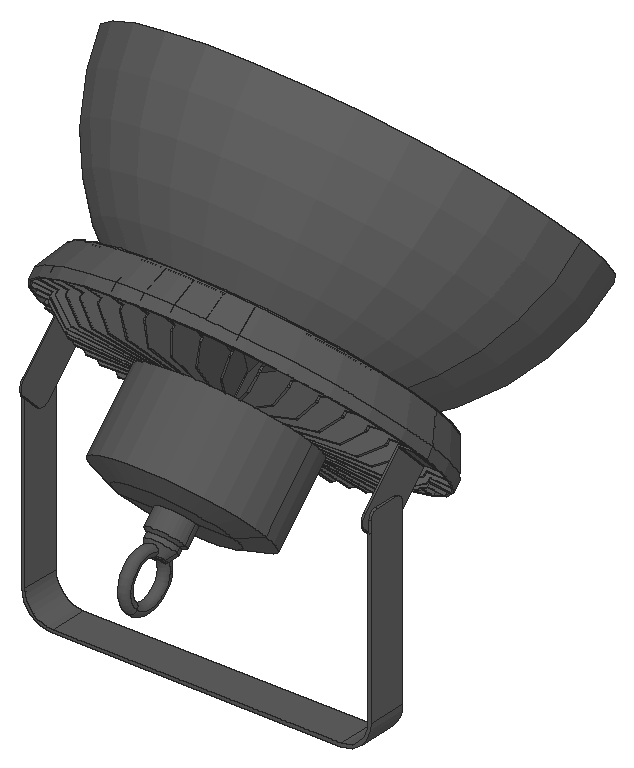
Revit family "0039364+0039355+0039360 Sylvania Lighting Fixture START HighBay IP65 DALI 26000lm 840 MB with BRACKET and ALU SHADE BLACK COLOR FOR 26KLM", category Lighting Fixtures, host Face, Revit 2016 (continued)
Definition of nested family "Start LED Highbay DALI Head"
  Nested families
    nested 6: "Start Highbay Rib" at (0, 0, 80.875) x (0.7071, 0.7071, 0) z (0, 0, 1), type "Type Name", detail levels medium+fine
      with SuspensionHeight_FEILO 2.6 mm, WidthStraight_FEILO 4.7 mm, WidthRingChamfer_FEILO 12.9 mm, WidthCurved_FEILO 26.2 mm, WidthCurvedRing_FEILO 4.7 mm, SizeS_FEILO no, Rib4_FEILO 14.6 mm, Rib3_FEILO 20.2 mm, Rib2_FEILO 4.5 mm, Rib1_FEILO 19 mm, RadiusDiffuser_FEILO 120 mm, RHRadius3_FEILO 8.6 mm, RHRadius2_FEILO 14 mm, RHRadius1_FEILO 17.7 mm, RHHeight4_FEILO 9.2 mm, RHHeight3_FEILO 4.6 mm, RHHeight2_FEILO 2.6 mm, RHHeight1_FEILO 17.4 mm, HeightRing_FEILO 36.8 mm, HeightRingChamfer_FEILO 26.6 mm, EyeThickness_FEILO 10.5 mm, EyeThicknessHalf_FEILO 5.25 mm, EyeInner_FEILO 17.3 mm, DriverVerticalStraight_FEILO 57 mm, DriverVerticalChamfer_FEILO 9.5 mm, DriverRadius_FEILO 76.4 mm, DriverRadiusTop_FEILO 52.4 mm, DriverBottom_FEILO 74 mm, Radius_FEILO 169.5 mm
    nested 7: "Start Highbay Rib" at (0, 0, 80.875) x (0.5878, 0.809, 0) z (0, 0, 1), type "Type Name", detail levels medium+fine
      with SuspensionHeight_FEILO 2.6 mm, WidthStraight_FEILO 4.7 mm, WidthRingChamfer_FEILO 12.9 mm, WidthCurved_FEILO 26.2 mm, WidthCurvedRing_FEILO 4.7 mm, SizeS_FEILO no, Rib4_FEILO 14.6 mm, Rib3_FEILO 20.2 mm, Rib2_FEILO 4.5 mm, Rib1_FEILO 19 mm, RadiusDiffuser_FEILO 120 mm, RHRadius3_FEILO 8.6 mm, RHRadius2_FEILO 14 mm, RHRadius1_FEILO 17.7 mm, RHHeight4_FEILO 9.2 mm, RHHeight3_FEILO 4.6 mm, RHHeight2_FEILO 2.6 mm, RHHeight1_FEILO 17.4 mm, HeightRing_FEILO 36.8 mm, HeightRingChamfer_FEILO 26.6 mm, EyeThickness_FEILO 10.5 mm, EyeThicknessHalf_FEILO 5.25 mm, EyeInner_FEILO 17.3 mm, DriverVerticalStraight_FEILO 57 mm, DriverVerticalChamfer_FEILO 9.5 mm, DriverRadius_FEILO 76.4 mm, DriverRadiusTop_FEILO 52.4 mm, DriverBottom_FEILO 74 mm, Radius_FEILO 169.5 mm
    nested 8: "Start Highbay Rib" at (0, 0, 80.875) x (0.454, 0.891, 0) z (0, 0, 1), type "Type Name", detail levels medium+fine
      with SuspensionHeight_FEILO 2.6 mm, WidthStraight_FEILO 4.7 mm, WidthRingChamfer_FEILO 12.9 mm, WidthCurved_FEILO 26.2 mm, WidthCurvedRing_FEILO 4.7 mm, SizeS_FEILO no, Rib4_FEILO 14.6 mm, Rib3_FEILO 20.2 mm, Rib2_FEILO 4.5 mm, Rib1_FEILO 19 mm, RadiusDiffuser_FEILO 120 mm, RHRadius3_FEILO 8.6 mm, RHRadius2_FEILO 14 mm, RHRadius1_FEILO 17.7 mm, RHHeight4_FEILO 9.2 mm, RHHeight3_FEILO 4.6 mm, RHHeight2_FEILO 2.6 mm, RHHeight1_FEILO 17.4 mm, HeightRing_FEILO 36.8 mm, HeightRingChamfer_FEILO 26.6 mm, EyeThickness_FEILO 10.5 mm, EyeThicknessHalf_FEILO 5.25 mm, EyeInner_FEILO 17.3 mm, DriverVerticalStraight_FEILO 57 mm, DriverVerticalChamfer_FEILO 9.5 mm, DriverRadius_FEILO 76.4 mm, DriverRadiusTop_FEILO 52.4 mm, DriverBottom_FEILO 74 mm, Radius_FEILO 169.5 mm
    nested 9: "Start Highbay Rib" at (0, 0, 80.875) x (0.309, 0.9511, 0) z (0, 0, 1), type "Type Name", detail levels medium+fine
      with SuspensionHeight_FEILO 2.6 mm, WidthStraight_FEILO 4.7 mm, WidthRingChamfer_FEILO 12.9 mm, WidthCurved_FEILO 26.2 mm, WidthCurvedRing_FEILO 4.7 mm, SizeS_FEILO no, Rib4_FEILO 14.6 mm, Rib3_FEILO 20.2 mm, Rib2_FEILO 4.5 mm, Rib1_FEILO 19 mm, RadiusDiffuser_FEILO 120 mm, RHRadius3_FEILO 8.6 mm, RHRadius2_FEILO 14 mm, RHRadius1_FEILO 17.7 mm, RHHeight4_FEILO 9.2 mm, RHHeight3_FEILO 4.6 mm, RHHeight2_FEILO 2.6 mm, RHHeight1_FEILO 17.4 mm, HeightRing_FEILO 36.8 mm, HeightRingChamfer_FEILO 26.6 mm, EyeThickness_FEILO 10.5 mm, EyeThicknessHalf_FEILO 5.25 mm, EyeInner_FEILO 17.3 mm, DriverVerticalStraight_FEILO 57 mm, DriverVerticalChamfer_FEILO 9.5 mm, DriverRadius_FEILO 76.4 mm, DriverRadiusTop_FEILO 52.4 mm, DriverBottom_FEILO 74 mm, Radius_FEILO 169.5 mm
    nested 10: "Start Highbay Rib" at (0, 0, 80.875) x (0.1564, 0.9877, 0) z (0, 0, 1), type "Type Name", detail levels medium+fine
      with SuspensionHeight_FEILO 2.6 mm, WidthStraight_FEILO 4.7 mm, WidthRingChamfer_FEILO 12.9 mm, WidthCurved_FEILO 26.2 mm, WidthCurvedRing_FEILO 4.7 mm, SizeS_FEILO no, Rib4_FEILO 14.6 mm, Rib3_FEILO 20.2 mm, Rib2_FEILO 4.5 mm, Rib1_FEILO 19 mm, RadiusDiffuser_FEILO 120 mm, RHRadius3_FEILO 8.6 mm, RHRadius2_FEILO 14 mm, RHRadius1_FEILO 17.7 mm, RHHeight4_FEILO 9.2 mm, RHHeight3_FEILO 4.6 mm, RHHeight2_FEILO 2.6 mm, RHHeight1_FEILO 17.4 mm, HeightRing_FEILO 36.8 mm, HeightRingChamfer_FEILO 26.6 mm, EyeThickness_FEILO 10.5 mm, EyeThicknessHalf_FEILO 5.25 mm, EyeInner_FEILO 17.3 mm, DriverVerticalStraight_FEILO 57 mm, DriverVerticalChamfer_FEILO 9.5 mm, DriverRadius_FEILO 76.4 mm, DriverRadiusTop_FEILO 52.4 mm, DriverBottom_FEILO 74 mm, Radius_FEILO 169.5 mm
    nested 11: "Start Highbay Rib" at (0, 0, 80.875) x (0, 1, 0) z (0, 0, 1), type "Type Name", detail levels medium+fine
      with SuspensionHeight_FEILO 2.6 mm, WidthStraight_FEILO 4.7 mm, WidthRingChamfer_FEILO 12.9 mm, WidthCurved_FEILO 26.2 mm, WidthCurvedRing_FEILO 4.7 mm, SizeS_FEILO no, Rib4_FEILO 14.6 mm, Rib3_FEILO 20.2 mm, Rib2_FEILO 4.5 mm, Rib1_FEILO 19 mm, RadiusDiffuser_FEILO 120 mm, RHRadius3_FEILO 8.6 mm, RHRadius2_FEILO 14 mm, RHRadius1_FEILO 17.7 mm, RHHeight4_FEILO 9.2 mm, RHHeight3_FEILO 4.6 mm, RHHeight2_FEILO 2.6 mm, RHHeight1_FEILO 17.4 mm, HeightRing_FEILO 36.8 mm, HeightRingChamfer_FEILO 26.6 mm, EyeThickness_FEILO 10.5 mm, EyeThicknessHalf_FEILO 5.25 mm, EyeInner_FEILO 17.3 mm, DriverVerticalStraight_FEILO 57 mm, DriverVerticalChamfer_FEILO 9.5 mm, DriverRadius_FEILO 76.4 mm, DriverRadiusTop_FEILO 52.4 mm, DriverBottom_FEILO 74 mm, Radius_FEILO 169.5 mm
    nested 12: "Start Highbay Rib" at (0, 0, 80.875) x (-0.1564, 0.9877, 0) z (0, 0, 1), type "Type Name", detail levels medium+fine
      with SuspensionHeight_FEILO 2.6 mm, WidthStraight_FEILO 4.7 mm, WidthRingChamfer_FEILO 12.9 mm, WidthCurved_FEILO 26.2 mm, WidthCurvedRing_FEILO 4.7 mm, SizeS_FEILO no, Rib4_FEILO 14.6 mm, Rib3_FEILO 20.2 mm, Rib2_FEILO 4.5 mm, Rib1_FEILO 19 mm, RadiusDiffuser_FEILO 120 mm, RHRadius3_FEILO 8.6 mm, RHRadius2_FEILO 14 mm, RHRadius1_FEILO 17.7 mm, RHHeight4_FEILO 9.2 mm, RHHeight3_FEILO 4.6 mm, RHHeight2_FEILO 2.6 mm, RHHeight1_FEILO 17.4 mm, HeightRing_FEILO 36.8 mm, HeightRingChamfer_FEILO 26.6 mm, EyeThickness_FEILO 10.5 mm, EyeThicknessHalf_FEILO 5.25 mm, EyeInner_FEILO 17.3 mm, DriverVerticalStraight_FEILO 57 mm, DriverVerticalChamfer_FEILO 9.5 mm, DriverRadius_FEILO 76.4 mm, DriverRadiusTop_FEILO 52.4 mm, DriverBottom_FEILO 74 mm, Radius_FEILO 169.5 mm
    nested 13: "Start Highbay Rib" at (0, 0, 80.875) x (-0.309, 0.9511, 0) z (0, 0, 1), type "Type Name", detail levels medium+fine
      with SuspensionHeight_FEILO 2.6 mm, WidthStraight_FEILO 4.7 mm, WidthRingChamfer_FEILO 12.9 mm, WidthCurved_FEILO 26.2 mm, WidthCurvedRing_FEILO 4.7 mm, SizeS_FEILO no, Rib4_FEILO 14.6 mm, Rib3_FEILO 20.2 mm, Rib2_FEILO 4.5 mm, Rib1_FEILO 19 mm, RadiusDiffuser_FEILO 120 mm, RHRadius3_FEILO 8.6 mm, RHRadius2_FEILO 14 mm, RHRadius1_FEILO 17.7 mm, RHHeight4_FEILO 9.2 mm, RHHeight3_FEILO 4.6 mm, RHHeight2_FEILO 2.6 mm, RHHeight1_FEILO 17.4 mm, HeightRing_FEILO 36.8 mm, HeightRingChamfer_FEILO 26.6 mm, EyeThickness_FEILO 10.5 mm, EyeThicknessHalf_FEILO 5.25 mm, EyeInner_FEILO 17.3 mm, DriverVerticalStraight_FEILO 57 mm, DriverVerticalChamfer_FEILO 9.5 mm, DriverRadius_FEILO 76.4 mm, DriverRadiusTop_FEILO 52.4 mm, DriverBottom_FEILO 74 mm, Radius_FEILO 169.5 mm
    nested 14: "Start Highbay Rib" at (0, 0, 80.875) x (-0.454, 0.891, 0) z (0, 0, 1), type "Type Name", detail levels medium+fine
      with SuspensionHeight_FEILO 2.6 mm, WidthStraight_FEILO 4.7 mm, WidthRingChamfer_FEILO 12.9 mm, WidthCurved_FEILO 26.2 mm, WidthCurvedRing_FEILO 4.7 mm, SizeS_FEILO no, Rib4_FEILO 14.6 mm, Rib3_FEILO 20.2 mm, Rib2_FEILO 4.5 mm, Rib1_FEILO 19 mm, RadiusDiffuser_FEILO 120 mm, RHRadius3_FEILO 8.6 mm, RHRadius2_FEILO 14 mm, RHRadius1_FEILO 17.7 mm, RHHeight4_FEILO 9.2 mm, RHHeight3_FEILO 4.6 mm, RHHeight2_FEILO 2.6 mm, RHHeight1_FEILO 17.4 mm, HeightRing_FEILO 36.8 mm, HeightRingChamfer_FEILO 26.6 mm, EyeThickness_FEILO 10.5 mm, EyeThicknessHalf_FEILO 5.25 mm, EyeInner_FEILO 17.3 mm, DriverVerticalStraight_FEILO 57 mm, DriverVerticalChamfer_FEILO 9.5 mm, DriverRadius_FEILO 76.4 mm, DriverRadiusTop_FEILO 52.4 mm, DriverBottom_FEILO 74 mm, Radius_FEILO 169.5 mm
    nested 15: "Start Highbay Rib" at (0, 0, 80.875) x (-0.5878, 0.809, 0) z (0, 0, 1), type "Type Name", detail levels medium+fine
      with SuspensionHeight_FEILO 2.6 mm, WidthStraight_FEILO 4.7 mm, WidthRingChamfer_FEILO 12.9 mm, WidthCurved_FEILO 26.2 mm, WidthCurvedRing_FEILO 4.7 mm, SizeS_FEILO no, Rib4_FEILO 14.6 mm, Rib3_FEILO 20.2 mm, Rib2_FEILO 4.5 mm, Rib1_FEILO 19 mm, RadiusDiffuser_FEILO 120 mm, RHRadius3_FEILO 8.6 mm, RHRadius2_FEILO 14 mm, RHRadius1_FEILO 17.7 mm, RHHeight4_FEILO 9.2 mm, RHHeight3_FEILO 4.6 mm, RHHeight2_FEILO 2.6 mm, RHHeight1_FEILO 17.4 mm, HeightRing_FEILO 36.8 mm, HeightRingChamfer_FEILO 26.6 mm, EyeThickness_FEILO 10.5 mm, EyeThicknessHalf_FEILO 5.25 mm, EyeInner_FEILO 17.3 mm, DriverVerticalStraight_FEILO 57 mm, DriverVerticalChamfer_FEILO 9.5 mm, DriverRadius_FEILO 76.4 mm, DriverRadiusTop_FEILO 52.4 mm, DriverBottom_FEILO 74 mm, Radius_FEILO 169.5 mm
    nested 16: "Start Highbay Rib" at (0, 0, 80.875) x (-0.7071, 0.7071, 0) z (0, 0, 1), type "Type Name", detail levels medium+fine
      with SuspensionHeight_FEILO 2.6 mm, WidthStraight_FEILO 4.7 mm, WidthRingChamfer_FEILO 12.9 mm, WidthCurved_FEILO 26.2 mm, WidthCurvedRing_FEILO 4.7 mm, SizeS_FEILO no, Rib4_FEILO 14.6 mm, Rib3_FEILO 20.2 mm, Rib2_FEILO 4.5 mm, Rib1_FEILO 19 mm, RadiusDiffuser_FEILO 120 mm, RHRadius3_FEILO 8.6 mm, RHRadius2_FEILO 14 mm, RHRadius1_FEILO 17.7 mm, RHHeight4_FEILO 9.2 mm, RHHeight3_FEILO 4.6 mm, RHHeight2_FEILO 2.6 mm, RHHeight1_FEILO 17.4 mm, HeightRing_FEILO 36.8 mm, HeightRingChamfer_FEILO 26.6 mm, EyeThickness_FEILO 10.5 mm, EyeThicknessHalf_FEILO 5.25 mm, EyeInner_FEILO 17.3 mm, DriverVerticalStraight_FEILO 57 mm, DriverVerticalChamfer_FEILO 9.5 mm, DriverRadius_FEILO 76.4 mm, DriverRadiusTop_FEILO 52.4 mm, DriverBottom_FEILO 74 mm, Radius_FEILO 169.5 mm
    nested 17: "Start Highbay Rib" at (0, 0, 80.875) x (-0.809, 0.5878, 0) z (0, 0, 1), type "Type Name", detail levels medium+fine
      with SuspensionHeight_FEILO 2.6 mm, WidthStraight_FEILO 4.7 mm, WidthRingChamfer_FEILO 12.9 mm, WidthCurved_FEILO 26.2 mm, WidthCurvedRing_FEILO 4.7 mm, SizeS_FEILO no, Rib4_FEILO 14.6 mm, Rib3_FEILO 20.2 mm, Rib2_FEILO 4.5 mm, Rib1_FEILO 19 mm, RadiusDiffuser_FEILO 120 mm, RHRadius3_FEILO 8.6 mm, RHRadius2_FEILO 14 mm, RHRadius1_FEILO 17.7 mm, RHHeight4_FEILO 9.2 mm, RHHeight3_FEILO 4.6 mm, RHHeight2_FEILO 2.6 mm, RHHeight1_FEILO 17.4 mm, HeightRing_FEILO 36.8 mm, HeightRingChamfer_FEILO 26.6 mm, EyeThickness_FEILO 10.5 mm, EyeThicknessHalf_FEILO 5.25 mm, EyeInner_FEILO 17.3 mm, DriverVerticalStraight_FEILO 57 mm, DriverVerticalChamfer_FEILO 9.5 mm, DriverRadius_FEILO 76.4 mm, DriverRadiusTop_FEILO 52.4 mm, DriverBottom_FEILO 74 mm, Radius_FEILO 169.5 mm
    nested 18: "Start Highbay Rib" at (0, 0, 80.875) x (-0.891, 0.454, 0) z (0, 0, 1), type "Type Name", detail levels medium+fine
      with SuspensionHeight_FEILO 2.6 mm, WidthStraight_FEILO 4.7 mm, WidthRingChamfer_FEILO 12.9 mm, WidthCurved_FEILO 26.2 mm, WidthCurvedRing_FEILO 4.7 mm, SizeS_FEILO no, Rib4_FEILO 14.6 mm, Rib3_FEILO 20.2 mm, Rib2_FEILO 4.5 mm, Rib1_FEILO 19 mm, RadiusDiffuser_FEILO 120 mm, RHRadius3_FEILO 8.6 mm, RHRadius2_FEILO 14 mm, RHRadius1_FEILO 17.7 mm, RHHeight4_FEILO 9.2 mm, RHHeight3_FEILO 4.6 mm, RHHeight2_FEILO 2.6 mm, RHHeight1_FEILO 17.4 mm, HeightRing_FEILO 36.8 mm, HeightRingChamfer_FEILO 26.6 mm, EyeThickness_FEILO 10.5 mm, EyeThicknessHalf_FEILO 5.25 mm, EyeInner_FEILO 17.3 mm, DriverVerticalStraight_FEILO 57 mm, DriverVerticalChamfer_FEILO 9.5 mm, DriverRadius_FEILO 76.4 mm, DriverRadiusTop_FEILO 52.4 mm, DriverBottom_FEILO 74 mm, Radius_FEILO 169.5 mm
    nested 19: "Start Highbay Rib" at (0, 0, 80.875) x (-0.9511, 0.309, 0) z (0, 0, 1), type "Type Name", detail levels medium+fine
      with SuspensionHeight_FEILO 2.6 mm, WidthStraight_FEILO 4.7 mm, WidthRingChamfer_FEILO 12.9 mm, WidthCurved_FEILO 26.2 mm, WidthCurvedRing_FEILO 4.7 mm, SizeS_FEILO no, Rib4_FEILO 14.6 mm, Rib3_FEILO 20.2 mm, Rib2_FEILO 4.5 mm, Rib1_FEILO 19 mm, RadiusDiffuser_FEILO 120 mm, RHRadius3_FEILO 8.6 mm, RHRadius2_FEILO 14 mm, RHRadius1_FEILO 17.7 mm, RHHeight4_FEILO 9.2 mm, RHHeight3_FEILO 4.6 mm, RHHeight2_FEILO 2.6 mm, RHHeight1_FEILO 17.4 mm, HeightRing_FEILO 36.8 mm, HeightRingChamfer_FEILO 26.6 mm, EyeThickness_FEILO 10.5 mm, EyeThicknessHalf_FEILO 5.25 mm, EyeInner_FEILO 17.3 mm, DriverVerticalStraight_FEILO 57 mm, DriverVerticalChamfer_FEILO 9.5 mm, DriverRadius_FEILO 76.4 mm, DriverRadiusTop_FEILO 52.4 mm, DriverBottom_FEILO 74 mm, Radius_FEILO 169.5 mm
    nested 20: "Start Highbay Rib" at (0, 0, 80.875) x (-0.9877, 0.1564, 0) z (0, 0, 1), type "Type Name", detail levels medium+fine
      with SuspensionHeight_FEILO 2.6 mm, WidthStraight_FEILO 4.7 mm, WidthRingChamfer_FEILO 12.9 mm, WidthCurved_FEILO 26.2 mm, WidthCurvedRing_FEILO 4.7 mm, SizeS_FEILO no, Rib4_FEILO 14.6 mm, Rib3_FEILO 20.2 mm, Rib2_FEILO 4.5 mm, Rib1_FEILO 19 mm, RadiusDiffuser_FEILO 120 mm, RHRadius3_FEILO 8.6 mm, RHRadius2_FEILO 14 mm, RHRadius1_FEILO 17.7 mm, RHHeight4_FEILO 9.2 mm, RHHeight3_FEILO 4.6 mm, RHHeight2_FEILO 2.6 mm, RHHeight1_FEILO 17.4 mm, HeightRing_FEILO 36.8 mm, HeightRingChamfer_FEILO 26.6 mm, EyeThickness_FEILO 10.5 mm, EyeThicknessHalf_FEILO 5.25 mm, EyeInner_FEILO 17.3 mm, DriverVerticalStraight_FEILO 57 mm, DriverVerticalChamfer_FEILO 9.5 mm, DriverRadius_FEILO 76.4 mm, DriverRadiusTop_FEILO 52.4 mm, DriverBottom_FEILO 74 mm, Radius_FEILO 169.5 mm
    nested 21: "Start Highbay Rib" at (0, 0, 80.875) x (-1, 0, 0) z (0, 0, 1), type "Type Name", detail levels medium+fine
      with SuspensionHeight_FEILO 2.6 mm, WidthStraight_FEILO 4.7 mm, WidthRingChamfer_FEILO 12.9 mm, WidthCurved_FEILO 26.2 mm, WidthCurvedRing_FEILO 4.7 mm, SizeS_FEILO no, Rib4_FEILO 14.6 mm, Rib3_FEILO 20.2 mm, Rib2_FEILO 4.5 mm, Rib1_FEILO 19 mm, RadiusDiffuser_FEILO 120 mm, RHRadius3_FEILO 8.6 mm, RHRadius2_FEILO 14 mm, RHRadius1_FEILO 17.7 mm, RHHeight4_FEILO 9.2 mm, RHHeight3_FEILO 4.6 mm, RHHeight2_FEILO 2.6 mm, RHHeight1_FEILO 17.4 mm, HeightRing_FEILO 36.8 mm, HeightRingChamfer_FEILO 26.6 mm, EyeThickness_FEILO 10.5 mm, EyeThicknessHalf_FEILO 5.25 mm, EyeInner_FEILO 17.3 mm, DriverVerticalStraight_FEILO 57 mm, DriverVerticalChamfer_FEILO 9.5 mm, DriverRadius_FEILO 76.4 mm, DriverRadiusTop_FEILO 52.4 mm, DriverBottom_FEILO 74 mm, Radius_FEILO 169.5 mm
    nested 22: "Start Highbay Rib" at (0, 0, 80.875) x (-0.9877, -0.1564, 0) z (0, 0, 1), type "Type Name", detail levels medium+fine
      with SuspensionHeight_FEILO 2.6 mm, WidthStraight_FEILO 4.7 mm, WidthRingChamfer_FEILO 12.9 mm, WidthCurved_FEILO 26.2 mm, WidthCurvedRing_FEILO 4.7 mm, SizeS_FEILO no, Rib4_FEILO 14.6 mm, Rib3_FEILO 20.2 mm, Rib2_FEILO 4.5 mm, Rib1_FEILO 19 mm, RadiusDiffuser_FEILO 120 mm, RHRadius3_FEILO 8.6 mm, RHRadius2_FEILO 14 mm, RHRadius1_FEILO 17.7 mm, RHHeight4_FEILO 9.2 mm, RHHeight3_FEILO 4.6 mm, RHHeight2_FEILO 2.6 mm, RHHeight1_FEILO 17.4 mm, HeightRing_FEILO 36.8 mm, HeightRingChamfer_FEILO 26.6 mm, EyeThickness_FEILO 10.5 mm, EyeThicknessHalf_FEILO 5.25 mm, EyeInner_FEILO 17.3 mm, DriverVerticalStraight_FEILO 57 mm, DriverVerticalChamfer_FEILO 9.5 mm, DriverRadius_FEILO 76.4 mm, DriverRadiusTop_FEILO 52.4 mm, DriverBottom_FEILO 74 mm, Radius_FEILO 169.5 mm
    nested 23: "Start Highbay Rib" at (0, 0, 80.875) x (-0.9511, -0.309, 0) z (0, 0, 1), type "Type Name", detail levels medium+fine
      with SuspensionHeight_FEILO 2.6 mm, WidthStraight_FEILO 4.7 mm, WidthRingChamfer_FEILO 12.9 mm, WidthCurved_FEILO 26.2 mm, WidthCurvedRing_FEILO 4.7 mm, SizeS_FEILO no, Rib4_FEILO 14.6 mm, Rib3_FEILO 20.2 mm, Rib2_FEILO 4.5 mm, Rib1_FEILO 19 mm, RadiusDiffuser_FEILO 120 mm, RHRadius3_FEILO 8.6 mm, RHRadius2_FEILO 14 mm, RHRadius1_FEILO 17.7 mm, RHHeight4_FEILO 9.2 mm, RHHeight3_FEILO 4.6 mm, RHHeight2_FEILO 2.6 mm, RHHeight1_FEILO 17.4 mm, HeightRing_FEILO 36.8 mm, HeightRingChamfer_FEILO 26.6 mm, EyeThickness_FEILO 10.5 mm, EyeThicknessHalf_FEILO 5.25 mm, EyeInner_FEILO 17.3 mm, DriverVerticalStraight_FEILO 57 mm, DriverVerticalChamfer_FEILO 9.5 mm, DriverRadius_FEILO 76.4 mm, DriverRadiusTop_FEILO 52.4 mm, DriverBottom_FEILO 74 mm, Radius_FEILO 169.5 mm
    nested 24: "Start Highbay Rib" at (0, 0, 80.875) x (-0.891, -0.454, 0) z (0, 0, 1), type "Type Name", detail levels medium+fine
      with SuspensionHeight_FEILO 2.6 mm, WidthStraight_FEILO 4.7 mm, WidthRingChamfer_FEILO 12.9 mm, WidthCurved_FEILO 26.2 mm, WidthCurvedRing_FEILO 4.7 mm, SizeS_FEILO no, Rib4_FEILO 14.6 mm, Rib3_FEILO 20.2 mm, Rib2_FEILO 4.5 mm, Rib1_FEILO 19 mm, RadiusDiffuser_FEILO 120 mm, RHRadius3_FEILO 8.6 mm, RHRadius2_FEILO 14 mm, RHRadius1_FEILO 17.7 mm, RHHeight4_FEILO 9.2 mm, RHHeight3_FEILO 4.6 mm, RHHeight2_FEILO 2.6 mm, RHHeight1_FEILO 17.4 mm, HeightRing_FEILO 36.8 mm, HeightRingChamfer_FEILO 26.6 mm, EyeThickness_FEILO 10.5 mm, EyeThicknessHalf_FEILO 5.25 mm, EyeInner_FEILO 17.3 mm, DriverVerticalStraight_FEILO 57 mm, DriverVerticalChamfer_FEILO 9.5 mm, DriverRadius_FEILO 76.4 mm, DriverRadiusTop_FEILO 52.4 mm, DriverBottom_FEILO 74 mm, Radius_FEILO 169.5 mm
    nested 25: "Start Highbay Rib" at (0, 0, 80.875) x (-0.809, -0.5878, 0) z (0, 0, 1), type "Type Name", detail levels medium+fine
      with SuspensionHeight_FEILO 2.6 mm, WidthStraight_FEILO 4.7 mm, WidthRingChamfer_FEILO 12.9 mm, WidthCurved_FEILO 26.2 mm, WidthCurvedRing_FEILO 4.7 mm, SizeS_FEILO no, Rib4_FEILO 14.6 mm, Rib3_FEILO 20.2 mm, Rib2_FEILO 4.5 mm, Rib1_FEILO 19 mm, RadiusDiffuser_FEILO 120 mm, RHRadius3_FEILO 8.6 mm, RHRadius2_FEILO 14 mm, RHRadius1_FEILO 17.7 mm, RHHeight4_FEILO 9.2 mm, RHHeight3_FEILO 4.6 mm, RHHeight2_FEILO 2.6 mm, RHHeight1_FEILO 17.4 mm, HeightRing_FEILO 36.8 mm, HeightRingChamfer_FEILO 26.6 mm, EyeThickness_FEILO 10.5 mm, EyeThicknessHalf_FEILO 5.25 mm, EyeInner_FEILO 17.3 mm, DriverVerticalStraight_FEILO 57 mm, DriverVerticalChamfer_FEILO 9.5 mm, DriverRadius_FEILO 76.4 mm, DriverRadiusTop_FEILO 52.4 mm, DriverBottom_FEILO 74 mm, Radius_FEILO 169.5 mm
    nested 26: "Start Highbay Rib" at (0, 0, 80.875) x (-0.7071, -0.7071, 0) z (0, 0, 1), type "Type Name", detail levels medium+fine
      with SuspensionHeight_FEILO 2.6 mm, WidthStraight_FEILO 4.7 mm, WidthRingChamfer_FEILO 12.9 mm, WidthCurved_FEILO 26.2 mm, WidthCurvedRing_FEILO 4.7 mm, SizeS_FEILO no, Rib4_FEILO 14.6 mm, Rib3_FEILO 20.2 mm, Rib2_FEILO 4.5 mm, Rib1_FEILO 19 mm, RadiusDiffuser_FEILO 120 mm, RHRadius3_FEILO 8.6 mm, RHRadius2_FEILO 14 mm, RHRadius1_FEILO 17.7 mm, RHHeight4_FEILO 9.2 mm, RHHeight3_FEILO 4.6 mm, RHHeight2_FEILO 2.6 mm, RHHeight1_FEILO 17.4 mm, HeightRing_FEILO 36.8 mm, HeightRingChamfer_FEILO 26.6 mm, EyeThickness_FEILO 10.5 mm, EyeThicknessHalf_FEILO 5.25 mm, EyeInner_FEILO 17.3 mm, DriverVerticalStraight_FEILO 57 mm, DriverVerticalChamfer_FEILO 9.5 mm, DriverRadius_FEILO 76.4 mm, DriverRadiusTop_FEILO 52.4 mm, DriverBottom_FEILO 74 mm, Radius_FEILO 169.5 mm
    nested 27: "Start Highbay Rib" at (0, 0, 80.875) x (-0.5878, -0.809, 0) z (0, 0, 1), type "Type Name", detail levels medium+fine
      with SuspensionHeight_FEILO 2.6 mm, WidthStraight_FEILO 4.7 mm, WidthRingChamfer_FEILO 12.9 mm, WidthCurved_FEILO 26.2 mm, WidthCurvedRing_FEILO 4.7 mm, SizeS_FEILO no, Rib4_FEILO 14.6 mm, Rib3_FEILO 20.2 mm, Rib2_FEILO 4.5 mm, Rib1_FEILO 19 mm, RadiusDiffuser_FEILO 120 mm, RHRadius3_FEILO 8.6 mm, RHRadius2_FEILO 14 mm, RHRadius1_FEILO 17.7 mm, RHHeight4_FEILO 9.2 mm, RHHeight3_FEILO 4.6 mm, RHHeight2_FEILO 2.6 mm, RHHeight1_FEILO 17.4 mm, HeightRing_FEILO 36.8 mm, HeightRingChamfer_FEILO 26.6 mm, EyeThickness_FEILO 10.5 mm, EyeThicknessHalf_FEILO 5.25 mm, EyeInner_FEILO 17.3 mm, DriverVerticalStraight_FEILO 57 mm, DriverVerticalChamfer_FEILO 9.5 mm, DriverRadius_FEILO 76.4 mm, DriverRadiusTop_FEILO 52.4 mm, DriverBottom_FEILO 74 mm, Radius_FEILO 169.5 mm
    nested 28: "Start Highbay Rib" at (0, 0, 80.875) x (-0.454, -0.891, 0) z (0, 0, 1), type "Type Name", detail levels medium+fine
      with SuspensionHeight_FEILO 2.6 mm, WidthStraight_FEILO 4.7 mm, WidthRingChamfer_FEILO 12.9 mm, WidthCurved_FEILO 26.2 mm, WidthCurvedRing_FEILO 4.7 mm, SizeS_FEILO no, Rib4_FEILO 14.6 mm, Rib3_FEILO 20.2 mm, Rib2_FEILO 4.5 mm, Rib1_FEILO 19 mm, RadiusDiffuser_FEILO 120 mm, RHRadius3_FEILO 8.6 mm, RHRadius2_FEILO 14 mm, RHRadius1_FEILO 17.7 mm, RHHeight4_FEILO 9.2 mm, RHHeight3_FEILO 4.6 mm, RHHeight2_FEILO 2.6 mm, RHHeight1_FEILO 17.4 mm, HeightRing_FEILO 36.8 mm, HeightRingChamfer_FEILO 26.6 mm, EyeThickness_FEILO 10.5 mm, EyeThicknessHalf_FEILO 5.25 mm, EyeInner_FEILO 17.3 mm, DriverVerticalStraight_FEILO 57 mm, DriverVerticalChamfer_FEILO 9.5 mm, DriverRadius_FEILO 76.4 mm, DriverRadiusTop_FEILO 52.4 mm, DriverBottom_FEILO 74 mm, Radius_FEILO 169.5 mm
    nested 29: "Start Highbay Rib" at (0, 0, 80.875) x (-0.309, -0.9511, 0) z (0, 0, 1), type "Type Name", detail levels medium+fine
      with SuspensionHeight_FEILO 2.6 mm, WidthStraight_FEILO 4.7 mm, WidthRingChamfer_FEILO 12.9 mm, WidthCurved_FEILO 26.2 mm, WidthCurvedRing_FEILO 4.7 mm, SizeS_FEILO no, Rib4_FEILO 14.6 mm, Rib3_FEILO 20.2 mm, Rib2_FEILO 4.5 mm, Rib1_FEILO 19 mm, RadiusDiffuser_FEILO 120 mm, RHRadius3_FEILO 8.6 mm, RHRadius2_FEILO 14 mm, RHRadius1_FEILO 17.7 mm, RHHeight4_FEILO 9.2 mm, RHHeight3_FEILO 4.6 mm, RHHeight2_FEILO 2.6 mm, RHHeight1_FEILO 17.4 mm, HeightRing_FEILO 36.8 mm, HeightRingChamfer_FEILO 26.6 mm, EyeThickness_FEILO 10.5 mm, EyeThicknessHalf_FEILO 5.25 mm, EyeInner_FEILO 17.3 mm, DriverVerticalStraight_FEILO 57 mm, DriverVerticalChamfer_FEILO 9.5 mm, DriverRadius_FEILO 76.4 mm, DriverRadiusTop_FEILO 52.4 mm, DriverBottom_FEILO 74 mm, Radius_FEILO 169.5 mm
    nested 30: "Start Highbay Rib" at (0, 0, 80.875) x (-0.1564, -0.9877, 0) z (0, 0, 1), type "Type Name", detail levels medium+fine
      with SuspensionHeight_FEILO 2.6 mm, WidthStraight_FEILO 4.7 mm, WidthRingChamfer_FEILO 12.9 mm, WidthCurved_FEILO 26.2 mm, WidthCurvedRing_FEILO 4.7 mm, SizeS_FEILO no, Rib4_FEILO 14.6 mm, Rib3_FEILO 20.2 mm, Rib2_FEILO 4.5 mm, Rib1_FEILO 19 mm, RadiusDiffuser_FEILO 120 mm, RHRadius3_FEILO 8.6 mm, RHRadius2_FEILO 14 mm, RHRadius1_FEILO 17.7 mm, RHHeight4_FEILO 9.2 mm, RHHeight3_FEILO 4.6 mm, RHHeight2_FEILO 2.6 mm, RHHeight1_FEILO 17.4 mm, HeightRing_FEILO 36.8 mm, HeightRingChamfer_FEILO 26.6 mm, EyeThickness_FEILO 10.5 mm, EyeThicknessHalf_FEILO 5.25 mm, EyeInner_FEILO 17.3 mm, DriverVerticalStraight_FEILO 57 mm, DriverVerticalChamfer_FEILO 9.5 mm, DriverRadius_FEILO 76.4 mm, DriverRadiusTop_FEILO 52.4 mm, DriverBottom_FEILO 74 mm, Radius_FEILO 169.5 mm
    nested 31: "Start Highbay Rib" at (0, 0, 80.875) x (0, -1, 0) z (0, 0, 1), type "Type Name", detail levels medium+fine
      with SuspensionHeight_FEILO 2.6 mm, WidthStraight_FEILO 4.7 mm, WidthRingChamfer_FEILO 12.9 mm, WidthCurved_FEILO 26.2 mm, WidthCurvedRing_FEILO 4.7 mm, SizeS_FEILO no, Rib4_FEILO 14.6 mm, Rib3_FEILO 20.2 mm, Rib2_FEILO 4.5 mm, Rib1_FEILO 19 mm, RadiusDiffuser_FEILO 120 mm, RHRadius3_FEILO 8.6 mm, RHRadius2_FEILO 14 mm, RHRadius1_FEILO 17.7 mm, RHHeight4_FEILO 9.2 mm, RHHeight3_FEILO 4.6 mm, RHHeight2_FEILO 2.6 mm, RHHeight1_FEILO 17.4 mm, HeightRing_FEILO 36.8 mm, HeightRingChamfer_FEILO 26.6 mm, EyeThickness_FEILO 10.5 mm, EyeThicknessHalf_FEILO 5.25 mm, EyeInner_FEILO 17.3 mm, DriverVerticalStraight_FEILO 57 mm, DriverVerticalChamfer_FEILO 9.5 mm, DriverRadius_FEILO 76.4 mm, DriverRadiusTop_FEILO 52.4 mm, DriverBottom_FEILO 74 mm, Radius_FEILO 169.5 mm
    nested 32: "Start Highbay Rib" at (0, 0, 80.875) x (0.1564, -0.9877, 0) z (0, 0, 1), type "Type Name", detail levels medium+fine
      with SuspensionHeight_FEILO 2.6 mm, WidthStraight_FEILO 4.7 mm, WidthRingChamfer_FEILO 12.9 mm, WidthCurved_FEILO 26.2 mm, WidthCurvedRing_FEILO 4.7 mm, SizeS_FEILO no, Rib4_FEILO 14.6 mm, Rib3_FEILO 20.2 mm, Rib2_FEILO 4.5 mm, Rib1_FEILO 19 mm, RadiusDiffuser_FEILO 120 mm, RHRadius3_FEILO 8.6 mm, RHRadius2_FEILO 14 mm, RHRadius1_FEILO 17.7 mm, RHHeight4_FEILO 9.2 mm, RHHeight3_FEILO 4.6 mm, RHHeight2_FEILO 2.6 mm, RHHeight1_FEILO 17.4 mm, HeightRing_FEILO 36.8 mm, HeightRingChamfer_FEILO 26.6 mm, EyeThickness_FEILO 10.5 mm, EyeThicknessHalf_FEILO 5.25 mm, EyeInner_FEILO 17.3 mm, DriverVerticalStraight_FEILO 57 mm, DriverVerticalChamfer_FEILO 9.5 mm, DriverRadius_FEILO 76.4 mm, DriverRadiusTop_FEILO 52.4 mm, DriverBottom_FEILO 74 mm, Radius_FEILO 169.5 mm
    nested 33: "Start Highbay Rib" at (0, 0, 80.875) x (0.309, -0.9511, 0) z (0, 0, 1), type "Type Name", detail levels medium+fine
      with SuspensionHeight_FEILO 2.6 mm, WidthStraight_FEILO 4.7 mm, WidthRingChamfer_FEILO 12.9 mm, WidthCurved_FEILO 26.2 mm, WidthCurvedRing_FEILO 4.7 mm, SizeS_FEILO no, Rib4_FEILO 14.6 mm, Rib3_FEILO 20.2 mm, Rib2_FEILO 4.5 mm, Rib1_FEILO 19 mm, RadiusDiffuser_FEILO 120 mm, RHRadius3_FEILO 8.6 mm, RHRadius2_FEILO 14 mm, RHRadius1_FEILO 17.7 mm, RHHeight4_FEILO 9.2 mm, RHHeight3_FEILO 4.6 mm, RHHeight2_FEILO 2.6 mm, RHHeight1_FEILO 17.4 mm, HeightRing_FEILO 36.8 mm, HeightRingChamfer_FEILO 26.6 mm, EyeThickness_FEILO 10.5 mm, EyeThicknessHalf_FEILO 5.25 mm, EyeInner_FEILO 17.3 mm, DriverVerticalStraight_FEILO 57 mm, DriverVerticalChamfer_FEILO 9.5 mm, DriverRadius_FEILO 76.4 mm, DriverRadiusTop_FEILO 52.4 mm, DriverBottom_FEILO 74 mm, Radius_FEILO 169.5 mm
    nested 34: "Start Highbay Rib" at (0, 0, 80.875) x (0.454, -0.891, 0) z (0, 0, 1), type "Type Name", detail levels medium+fine
      with SuspensionHeight_FEILO 2.6 mm, WidthStraight_FEILO 4.7 mm, WidthRingChamfer_FEILO 12.9 mm, WidthCurved_FEILO 26.2 mm, WidthCurvedRing_FEILO 4.7 mm, SizeS_FEILO no, Rib4_FEILO 14.6 mm, Rib3_FEILO 20.2 mm, Rib2_FEILO 4.5 mm, Rib1_FEILO 19 mm, RadiusDiffuser_FEILO 120 mm, RHRadius3_FEILO 8.6 mm, RHRadius2_FEILO 14 mm, RHRadius1_FEILO 17.7 mm, RHHeight4_FEILO 9.2 mm, RHHeight3_FEILO 4.6 mm, RHHeight2_FEILO 2.6 mm, RHHeight1_FEILO 17.4 mm, HeightRing_FEILO 36.8 mm, HeightRingChamfer_FEILO 26.6 mm, EyeThickness_FEILO 10.5 mm, EyeThicknessHalf_FEILO 5.25 mm, EyeInner_FEILO 17.3 mm, DriverVerticalStraight_FEILO 57 mm, DriverVerticalChamfer_FEILO 9.5 mm, DriverRadius_FEILO 76.4 mm, DriverRadiusTop_FEILO 52.4 mm, DriverBottom_FEILO 74 mm, Radius_FEILO 169.5 mm
    nested 35: "Start Highbay Rib" at (0, 0, 80.875) x (0.5878, -0.809, 0) z (0, 0, 1), type "Type Name", detail levels medium+fine
      with SuspensionHeight_FEILO 2.6 mm, WidthStraight_FEILO 4.7 mm, WidthRingChamfer_FEILO 12.9 mm, WidthCurved_FEILO 26.2 mm, WidthCurvedRing_FEILO 4.7 mm, SizeS_FEILO no, Rib4_FEILO 14.6 mm, Rib3_FEILO 20.2 mm, Rib2_FEILO 4.5 mm, Rib1_FEILO 19 mm, RadiusDiffuser_FEILO 120 mm, RHRadius3_FEILO 8.6 mm, RHRadius2_FEILO 14 mm, RHRadius1_FEILO 17.7 mm, RHHeight4_FEILO 9.2 mm, RHHeight3_FEILO 4.6 mm, RHHeight2_FEILO 2.6 mm, RHHeight1_FEILO 17.4 mm, HeightRing_FEILO 36.8 mm, HeightRingChamfer_FEILO 26.6 mm, EyeThickness_FEILO 10.5 mm, EyeThicknessHalf_FEILO 5.25 mm, EyeInner_FEILO 17.3 mm, DriverVerticalStraight_FEILO 57 mm, DriverVerticalChamfer_FEILO 9.5 mm, DriverRadius_FEILO 76.4 mm, DriverRadiusTop_FEILO 52.4 mm, DriverBottom_FEILO 74 mm, Radius_FEILO 169.5 mm
    nested 36: "Start Highbay Rib" at (0, 0, 80.875) x (0.7071, -0.7071, 0) z (0, 0, 1), type "Type Name", detail levels medium+fine
      with SuspensionHeight_FEILO 2.6 mm, WidthStraight_FEILO 4.7 mm, WidthRingChamfer_FEILO 12.9 mm, WidthCurved_FEILO 26.2 mm, WidthCurvedRing_FEILO 4.7 mm, SizeS_FEILO no, Rib4_FEILO 14.6 mm, Rib3_FEILO 20.2 mm, Rib2_FEILO 4.5 mm, Rib1_FEILO 19 mm, RadiusDiffuser_FEILO 120 mm, RHRadius3_FEILO 8.6 mm, RHRadius2_FEILO 14 mm, RHRadius1_FEILO 17.7 mm, RHHeight4_FEILO 9.2 mm, RHHeight3_FEILO 4.6 mm, RHHeight2_FEILO 2.6 mm, RHHeight1_FEILO 17.4 mm, HeightRing_FEILO 36.8 mm, HeightRingChamfer_FEILO 26.6 mm, EyeThickness_FEILO 10.5 mm, EyeThicknessHalf_FEILO 5.25 mm, EyeInner_FEILO 17.3 mm, DriverVerticalStraight_FEILO 57 mm, DriverVerticalChamfer_FEILO 9.5 mm, DriverRadius_FEILO 76.4 mm, DriverRadiusTop_FEILO 52.4 mm, DriverBottom_FEILO 74 mm, Radius_FEILO 169.5 mm
    nested 37: "Start Highbay Rib" at (0, 0, 80.875) x (0.809, -0.5878, 0) z (0, 0, 1), type "Type Name", detail levels medium+fine
      with SuspensionHeight_FEILO 2.6 mm, WidthStraight_FEILO 4.7 mm, WidthRingChamfer_FEILO 12.9 mm, WidthCurved_FEILO 26.2 mm, WidthCurvedRing_FEILO 4.7 mm, SizeS_FEILO no, Rib4_FEILO 14.6 mm, Rib3_FEILO 20.2 mm, Rib2_FEILO 4.5 mm, Rib1_FEILO 19 mm, RadiusDiffuser_FEILO 120 mm, RHRadius3_FEILO 8.6 mm, RHRadius2_FEILO 14 mm, RHRadius1_FEILO 17.7 mm, RHHeight4_FEILO 9.2 mm, RHHeight3_FEILO 4.6 mm, RHHeight2_FEILO 2.6 mm, RHHeight1_FEILO 17.4 mm, HeightRing_FEILO 36.8 mm, HeightRingChamfer_FEILO 26.6 mm, EyeThickness_FEILO 10.5 mm, EyeThicknessHalf_FEILO 5.25 mm, EyeInner_FEILO 17.3 mm, DriverVerticalStraight_FEILO 57 mm, DriverVerticalChamfer_FEILO 9.5 mm, DriverRadius_FEILO 76.4 mm, DriverRadiusTop_FEILO 52.4 mm, DriverBottom_FEILO 74 mm, Radius_FEILO 169.5 mm
    nested 38: "Start Highbay Rib" at (0, 0, 80.875) x (0.891, -0.454, 0) z (0, 0, 1), type "Type Name", detail levels medium+fine
      with SuspensionHeight_FEILO 2.6 mm, WidthStraight_FEILO 4.7 mm, WidthRingChamfer_FEILO 12.9 mm, WidthCurved_FEILO 26.2 mm, WidthCurvedRing_FEILO 4.7 mm, SizeS_FEILO no, Rib4_FEILO 14.6 mm, Rib3_FEILO 20.2 mm, Rib2_FEILO 4.5 mm, Rib1_FEILO 19 mm, RadiusDiffuser_FEILO 120 mm, RHRadius3_FEILO 8.6 mm, RHRadius2_FEILO 14 mm, RHRadius1_FEILO 17.7 mm, RHHeight4_FEILO 9.2 mm, RHHeight3_FEILO 4.6 mm, RHHeight2_FEILO 2.6 mm, RHHeight1_FEILO 17.4 mm, HeightRing_FEILO 36.8 mm, HeightRingChamfer_FEILO 26.6 mm, EyeThickness_FEILO 10.5 mm, EyeThicknessHalf_FEILO 5.25 mm, EyeInner_FEILO 17.3 mm, DriverVerticalStraight_FEILO 57 mm, DriverVerticalChamfer_FEILO 9.5 mm, DriverRadius_FEILO 76.4 mm, DriverRadiusTop_FEILO 52.4 mm, DriverBottom_FEILO 74 mm, Radius_FEILO 169.5 mm
    nested 39: "Start Highbay Rib" at (0, 0, 80.875) x (0.9511, -0.309, 0) z (0, 0, 1), type "Type Name", detail levels medium+fine
      with SuspensionHeight_FEILO 2.6 mm, WidthStraight_FEILO 4.7 mm, WidthRingChamfer_FEILO 12.9 mm, WidthCurved_FEILO 26.2 mm, WidthCurvedRing_FEILO 4.7 mm, SizeS_FEILO no, Rib4_FEILO 14.6 mm, Rib3_FEILO 20.2 mm, Rib2_FEILO 4.5 mm, Rib1_FEILO 19 mm, RadiusDiffuser_FEILO 120 mm, RHRadius3_FEILO 8.6 mm, RHRadius2_FEILO 14 mm, RHRadius1_FEILO 17.7 mm, RHHeight4_FEILO 9.2 mm, RHHeight3_FEILO 4.6 mm, RHHeight2_FEILO 2.6 mm, RHHeight1_FEILO 17.4 mm, HeightRing_FEILO 36.8 mm, HeightRingChamfer_FEILO 26.6 mm, EyeThickness_FEILO 10.5 mm, EyeThicknessHalf_FEILO 5.25 mm, EyeInner_FEILO 17.3 mm, DriverVerticalStraight_FEILO 57 mm, DriverVerticalChamfer_FEILO 9.5 mm, DriverRadius_FEILO 76.4 mm, DriverRadiusTop_FEILO 52.4 mm, DriverBottom_FEILO 74 mm, Radius_FEILO 169.5 mm
    nested 40: "Start Highbay Rib" at (0, 0, 80.875) x (0.9877, -0.1564, 0) z (0, 0, 1), type "Type Name", detail levels medium+fine
      with SuspensionHeight_FEILO 2.6 mm, WidthStraight_FEILO 4.7 mm, WidthRingChamfer_FEILO 12.9 mm, WidthCurved_FEILO 26.2 mm, WidthCurvedRing_FEILO 4.7 mm, SizeS_FEILO no, Rib4_FEILO 14.6 mm, Rib3_FEILO 20.2 mm, Rib2_FEILO 4.5 mm, Rib1_FEILO 19 mm, RadiusDiffuser_FEILO 120 mm, RHRadius3_FEILO 8.6 mm, RHRadius2_FEILO 14 mm, RHRadius1_FEILO 17.7 mm, RHHeight4_FEILO 9.2 mm, RHHeight3_FEILO 4.6 mm, RHHeight2_FEILO 2.6 mm, RHHeight1_FEILO 17.4 mm, HeightRing_FEILO 36.8 mm, HeightRingChamfer_FEILO 26.6 mm, EyeThickness_FEILO 10.5 mm, EyeThicknessHalf_FEILO 5.25 mm, EyeInner_FEILO 17.3 mm, DriverVerticalStraight_FEILO 57 mm, DriverVerticalChamfer_FEILO 9.5 mm, DriverRadius_FEILO 76.4 mm, DriverRadiusTop_FEILO 52.4 mm, DriverBottom_FEILO 74 mm, Radius_FEILO 169.5 mm
  Definition of nested family "Start Highbay Rib"
    Parameters (values of type "Type Name")
      WidthStraight_FEILO = if(SizeS_FEILO, 3 mm, if(SizeM_FEILO, 4 mm, 4.7 mm))  # 3 mm
      WidthRingChamfer_FEILO = if(SizeS_FEILO, 10.3 mm, if(SizeM_FEILO, 11.2 mm, 12.9 mm))  # 10.3 mm
      WidthCurved_FEILO = if(SizeS_FEILO, 17.4 mm, if(SizeM_FEILO, 16.4 mm, 26.2 mm))  # 17.4 mm
      WidthCurvedRing_FEILO = if(SizeS_FEILO, 3 mm, if(SizeM_FEILO, 4 mm, 4.7 mm))  # 3 mm
      WidthBracket_FEILO = 40 mm
      URL = "http://www.feilosylvania.com"
      Type Image = (empty or 0)
      Type Comments = "n/a"
      ThicknessWall_FEILO = 1.5 mm
      ThicknessBracket_FEILO = 1.5 mm
      ThicknessBracketHalf_FEILO = ThicknessBracket_FEILO / 2  # 0.75 mm
      SuspensionHeight_FEILO [instance] = 2.6 mm
      SizeS_FEILO = yes
      SizeM_FEILO = no
      Rib4_FEILO = if(SizeS_FEILO, 18.1 mm, if(SizeM_FEILO, 13.6 mm, 14.6 mm))  # 18.1 mm
      Rib3_FEILO = if(SizeS_FEILO, 15.3 mm, if(SizeM_FEILO, 17.6 mm, 20.2 mm))  # 15.3 mm
      Rib2_FEILO = if(SizeS_FEILO, 3.6 mm, if(SizeM_FEILO, 3.9 mm, 4.5 mm))  # 3.6 mm
      Rib1_FEILO = if(SizeS_FEILO, 15.1 mm, if(SizeM_FEILO, 16.5 mm, 19 mm))  # 15.1 mm
      RadiusRib_FEILO = 2 mm
      RadiusDiffuser_FEILO = if(SizeS_FEILO, 95.2 mm, if(SizeM_FEILO, 105.3 mm, 120 mm))  # 95.2 mm
      RHRadius3_FEILO = if(SizeS_FEILO, 6.6 mm, if(SizeM_FEILO, 7.4 mm, 8.6 mm))  # 6.6 mm
      RHRadius2_FEILO = if(SizeS_FEILO, 11 mm, if(SizeM_FEILO, 12 mm, 14 mm))  # 11 mm
      RHRadius1_FEILO = if(SizeS_FEILO, 13.6 mm, if(SizeM_FEILO, 14.9 mm, 17.7 mm))  # 13.6 mm
      RHHeight4_FEILO = if(SizeS_FEILO, 7.3 mm, if(SizeM_FEILO, 8 mm, 9.2 mm))  # 7.3 mm
      RHHeight3_FEILO = if(SizeS_FEILO, 3.6 mm, if(SizeM_FEILO, 3.7 mm, 4.6 mm))  # 3.6 mm
      RHHeight2_FEILO = if(SizeS_FEILO, 2 mm, if(SizeM_FEILO, 2.2 mm, 2.6 mm))  # 2 mm
      RHHeight1_FEILO = if(SizeS_FEILO, 11.8 mm, if(SizeM_FEILO, 15.3 mm, 17.4 mm))  # 11.8 mm
      Material_3_FEILO = none
      Model = ""
      Manufacturer = "Feilo Sylvania"
      Keynote = "16500"
      HeightRing_FEILO = if(SizeS_FEILO, 19.8 mm, if(SizeM_FEILO, 32 mm, 36.8 mm))  # 19.8 mm
      HeightRingChamfer_FEILO = if(SizeS_FEILO, 11.7 mm, if(SizeM_FEILO, 23.2 mm, 26.6 mm))  # 11.7 mm
      EyeThickness_FEILO = if(SizeS_FEILO, 8.4 mm, if(SizeM_FEILO, 9.2 mm, 10.5 mm))  # 8.4 mm
      EyeThicknessHalf_FEILO = EyeThickness_FEILO / 2  # 4.2 mm
      EyeInner_FEILO = if(SizeS_FEILO, 13.8 mm, if(SizeM_FEILO, 15.1 mm, 17.3 mm))  # 13.8 mm
      DriverVerticalStraight_FEILO = if(SizeS_FEILO, 46.5 mm, if(SizeM_FEILO, 49.7 mm, 57 mm))  # 46.5 mm
      DriverVerticalChamfer_FEILO = if(SizeS_FEILO, 7.5 mm, if(SizeM_FEILO, 8.2 mm, 9.5 mm))  # 7.5 mm
      DriverRadius_FEILO = if(SizeS_FEILO, 61.4 mm, if(SizeM_FEILO, 67.2 mm, 76.4 mm))  # 61.4 mm
      DriverRadiusTop_FEILO = if(SizeS_FEILO, 42 mm, if(SizeM_FEILO, 45.3 mm, 52.4 mm))  # 42 mm
      DriverBottom_FEILO = if(SizeS_FEILO, 56 mm, if(SizeM_FEILO, 64.5 mm, 74 mm))  # 56 mm
      Material_2_FEILO = none
      Radius_FEILO = if(SizeS_FEILO, 135 mm, if(SizeM_FEILO, 148 mm, 169.5 mm))  # 135 mm
      Description = ""
      Default Elevation = 1219.2 mm
      Cost = 0
      Material_1_FEILO = none
      Assembly Code = "D5020200"
      Material_4_FEILO = none
    Reference planes
      plane 1 "Center (Front/Back)": y = 0
      plane 2: z = 0
      plane 3 "Center (Left/Right)": x = 0
      plane 4: z = 2.6
      plane 5: x = -135
      plane 6: x = -124.7
      plane 7: z = -9.1
      plane 8: z = -17.2
      plane 9: x = -121.7
      plane 10: z = -0.025
      plane 11: x = -104.3
      plane 12: x = -95.2
      plane 13: x = -118.7
      plane 14: z = 0.975
      plane 15: z = -1.025
      plane 16: x = -92.2
      plane 17: z = -2.025
      plane 18: x = -133.5
      plane 19: x = -119.9
      plane 20: z = -20.8
      plane 21: x = -104.6
      plane 22: z = -38.9
      plane 23: x = -20
      plane 24: z = -53.4
      plane 25: x = -61.4
      plane 26: z = -99.9
      plane 27: x = -42
      plane 28: z = -107.4
      plane 29: x = -13.6
      plane 30: z = -119.2
      plane 31: z = -121.2
      plane 32: x = -11
      plane 33: z = -124.8
      plane 34: z = -132.1
      plane 35: x = -6.6
      plane 36: z = -145.9
      plane 37: z = -159.7
      plane 38: x = 4.2
      plane 39: x = -4.2
      plane 40: z = -168.1
      plane 41: z = -163.9
      plane 42: x = -129.1
      plane 43: x = -132.5
      plane 44: z = -18.7
      plane 45: x = -123.2
      plane 46: z = -76.65
      plane 47: y = -20
      plane 48: y = 20
      plane 49: x = 135
      plane 50: x = 124.7
      plane 51: x = 133.5
      plane 52: x = 129.1
      plane 53: x = 132.5
      plane 54: x = 123.2
      plane 55: y = 0.75
      plane 56: y = -0.75
    Forms (mm)
      Extrusion 1, solid
        sketch origin (4.2, 0, 0) x (1, 0, 0) y (0, 1, 0)
          loop
            line (-1219.2, 1219.2) -> (-1219.2, -1219.2) -> (1219.2, -1219.2) -> (1219.2, 1219.2) -> (-1219.2, 1219.2)
        from 0 to -68.017
      Extrusion 2, solid, material <- "Material_1_FEILO"
        sketch origin (0, 0, 0) x (1, 0, 0) y (0, 0, 1)
          loop
            arc (-104.3, -0.025) -> (-111.555, 0.423) -> (-118.7, 1.76) r 58.981
            line (-118.7, 1.76) -> (-118.7, -0.025) -> (-125.012, -0.025) -> (-133.5, -9.666) -> (-133.5, -17.2) -> (-119.9, -17.2) -> (-119.9, -20.068)
            arc (-119.9, -20.068) -> (-119.778, -20.755) -> (-119.427, -21.359) r 2
            line (-119.427, -21.359) -> (-104.966, -38.467)
            arc (-104.966, -38.467) -> (-104.381, -38.789) -> (-103.723, -38.9) r 2
            line (-103.723, -38.9) -> (-20, -38.9) -> (-20, -9.1) -> (-95.2, -9.1) -> (-95.2, -2.025) -> (-104.3, -2.025) -> (-104.3, -0.025)
        from -0.75 to 0.75
    Lines and regions (mm)
      reference lines
        curve 1: line (-135, 0, -9.1) -> (-124.7, 0, 2.6)
        curve 2: line (-104.3, 0, -0.025) -> (0, 0, -0.025)
        curve 3: arc (-104.3, 0, -0.025) -> (-113.098, 0, 0.635) -> (-121.7, 0, 2.6) r 58.981
        curve 4: line (-124.7, 0, 2.6) -> (-121.7, 0, 2.6)
        curve 5: line (-125.012, 0, -0.025) -> (-133.5, 0, -9.666)
        curve 6: line (-119.9, 0, -20.8) -> (-104.6, 0, -38.9)
    Dimensions and locks
      "Radius_FEILO": plane 3 "Center (Left/Right)" to plane 5
      "WidthRingChamfer_FEILO": plane 6 to plane 5
      "WidthStraight_FEILO": plane 9 to plane 6
      "WidthCurvedRing_FEILO": plane 13 to plane 9
      locked: plane 10 to plane 15 at 1
      locked: plane 14 to plane 10 at 1
      locked: plane 4 to plane 10 at 2.625
      locked: plane 15 to plane 17 at 1
      "ThicknessWall_FEILO": plane 18 to plane 5
      "ThicknessWall_FEILO": curve 5 to curve 1
      "HeightRingChamfer_FEILO": plane 4 to plane 7
      "HeightRing_FEILO": plane 4 to plane 8
      "RadiusDiffuser_FEILO": plane 3 "Center (Left/Right)" to plane 12
      locked: plane 16 to plane 12 at 3
      "WidthCurved_FEILO": plane 11 to plane 9
      "SuspensionHeight_FEILO": plane 4 to plane 2
      "Rib1_FEILO": plane 19 to plane 5
      "Rib2_FEILO": plane 8 to plane 20
      "Rib3_FEILO": plane 21 to plane 19
      "Rib4_FEILO": plane 20 to plane 22
      locked: plane 3 "Center (Left/Right)" to plane 23 at 20
      "DriverBottom_FEILO": plane 4 to plane 24
      "DriverRadius_FEILO": plane 3 "Center (Left/Right)" to plane 25
      "DriverVerticalStraight_FEILO": plane 24 to plane 26
      "DriverRadiusTop_FEILO": plane 3 "Center (Left/Right)" to plane 27
      "DriverVerticalChamfer_FEILO": plane 26 to plane 28
      "RHRadius1_FEILO": plane 3 "Center (Left/Right)" to plane 29
      "RHHeight2_FEILO": plane 30 to plane 31
      "RHRadius2_FEILO": plane 3 "Center (Left/Right)" to plane 32
      "RHHeight3_FEILO": plane 31 to plane 33
      "RHHeight4_FEILO": plane 33 to plane 34
      "RHRadius3_FEILO": plane 3 "Center (Left/Right)" to plane 35
      "RHHeight1_FEILO": plane 28 to plane 30
      "EyeInner_FEILO": plane 34 to plane 36
      "EyeInner_FEILO": plane 36 to plane 37
      equal spacing: plane 38, plane 3 "Center (Left/Right)", plane 39
      "EyeThickness_FEILO": plane 38 to plane 39
      "EyeThickness_FEILO": plane 37 to plane 40
      equal spacing: plane 37, plane 41, plane 40
      equal spacing: plane 6, plane 42, plane 18
      "ThicknessBracket_FEILO": plane 45 to plane 6
      "ThicknessBracket_FEILO": plane 8 to plane 44
      locked: plane 43 to plane 18 at 1
      equal spacing: plane 24, plane 46, plane 26
      equal spacing: plane 47, plane 1 "Center (Front/Back)", plane 48
      "WidthBracket_FEILO": plane 47 to plane 48
      "WidthRingChamfer_FEILO": plane 50 to plane 49
      "ThicknessWall_FEILO": plane 51 to plane 49
      equal spacing: plane 50, plane 52, plane 51
      "ThicknessBracket_FEILO": plane 54 to plane 50
      locked: plane 53 to plane 51 at 1
      "Radius_FEILO": plane 49 to plane 3 "Center (Left/Right)"
      equal spacing: plane 56, plane 1 "Center (Front/Back)", plane 55
      "ThicknessWall_FEILO": plane 56 to plane 55
      "RadiusRib_FEILO": radius of Extrusion 2 sketch curve  (x2)
      aligned and locked: plane 2 to Extrusion 1
      aligned and locked: level to Extrusion 1
      aligned and locked: plane 5 to curve 1
      aligned and locked: plane 6 to curve 1
      aligned and locked: plane 7 to curve 1
      aligned and locked: plane 10 to curve 2
      aligned and locked: plane 9 to curve 3
      aligned and locked: plane 4 to curve 3
      aligned and locked: plane 11 to curve 3
      aligned and locked: plane 4 to curve 4
      aligned and locked: plane 18 to curve 5
      aligned and locked: plane 10 to curve 5
      aligned and locked: plane 22 to curve 6
      aligned and locked: plane 21 to curve 6
      aligned and locked: plane 20 to curve 6
      aligned and locked: plane 19 to curve 6
      aligned and locked: Extrusion 2 sketch curve to plane 23
      aligned and locked: Extrusion 2 sketch curve to plane 22
      aligned and locked: Extrusion 2 sketch curve to curve 6
      aligned and locked: plane 19 to Extrusion 2 sketch curve
      aligned and locked: Extrusion 2 sketch curve to plane 8
      aligned and locked: Extrusion 2 sketch curve to curve 5
      aligned and locked: Extrusion 2 sketch curve to curve 3
      aligned and locked: Extrusion 2 to plane 55
      aligned and locked: plane 56 to Extrusion 2
      aligned and locked: curve 6 to Extrusion 2 sketch curve
    Automatic sketch dimensions
      Extrusion 1 sketch curve to Extrusion 1 sketch curve = 2438.4 mm  (x2)
      curve 2 to plane 3 "Center (Left/Right)" = 0 mm
      Extrusion 2 sketch curve to plane 18 = 0 mm
      Extrusion 2 sketch curve to plane 10 = 0 mm
      Extrusion 2 sketch curve to plane 13 = 0 mm
      Extrusion 2 sketch curve to plane 7 = 0 mm
      Extrusion 2 sketch curve to plane 12 = 0 mm
      Extrusion 2 sketch curve to plane 17 = 0 mm
      plane 19 to Extrusion 2 sketch curve = 0.473 mm
      Extrusion 2 sketch curve to plane 21 = 0.366 mm
